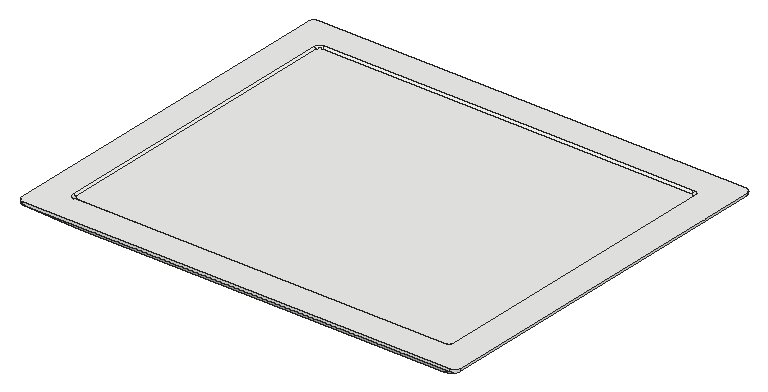
Revit family "DKTL0020_revit", category Generic Models, Revit 2017
Family settings
  Can host rebar = No
  Round Connector Dimension = Use Diameter
  Part Type = Normal
  Work Plane-Based = No
  Always vertical = Yes
  Cut with Voids When Loaded = No
  Shared = No
  Room Calculation Point = No
Parameters
  Website = "https://dolphy.in/"  # constant formula
  Material and Finish = Dolphy_WHITE
  Length = 360 mm
  Contact number = "+91 9520202035"  # constant formula
  Contact email = "info@dolphy.in"  # constant formula
  Company name = "Dolphy India"  # constant formula
Reference planes
  plane 1 "Center (Front/Back)": y = 0
  plane 2: z = 0
  plane 3 "Center (Left/Right)": x = 0
Forms (mm)
  Extrusion 1, solid, material "Dolphy_WHITE" <- "Material and Finish"
    sketch origin (3.593, 0, -3.656) x (1, 0, 0) y (0, 1, 0)
      loop
        arc (-188.593, 165.936) -> (-192.129, 164.472) -> (-193.593, 160.936) r 5
        line (-193.593, 160.936) -> (-193.593, -149.064)
        arc (-193.593, -149.064) -> (-192.129, -152.6) -> (-188.593, -154.064) r 5
        line (-188.593, -154.064) -> (181.407, -154.064)
        arc (181.407, -154.064) -> (184.942, -152.6) -> (186.407, -149.064) r 5
        line (186.407, -149.064) -> (186.407, 160.936)
        arc (186.407, 160.936) -> (184.942, 164.472) -> (181.407, 165.936) r 5
        line (181.407, 165.936) -> (-188.593, 165.936)
    from 25.656 to 27.656
  Blend 2, solid, material "Dolphy_WHITE" <- "Material and Finish"
    base sketch origin (3.593, 0, 22) x (0, 1, 0) y (-1, 0, 0)
      loop
        arc (-154.064, -181.407) -> (-152.6, -184.942) -> (-149.064, -186.407) r 5
        line (-149.064, -186.407) -> (160.936, -186.407)
        arc (160.936, -186.407) -> (164.472, -184.942) -> (165.936, -181.407) r 5
        line (165.936, -181.407) -> (165.936, 188.593)
        arc (165.936, 188.593) -> (164.472, 192.129) -> (160.936, 193.593) r 5
        line (160.936, 193.593) -> (-149.064, 193.593)
        arc (-149.064, 193.593) -> (-152.6, 192.129) -> (-154.064, 188.593) r 5
        line (-154.064, 188.593) -> (-154.064, -181.407)
    top sketch origin (3.593, 0, 22) x (0, 1, 0) y (-1, 0, 0)
      loop
        arc (-126.064, -153.407) -> (-124.6, -156.942) -> (-121.064, -158.407) r 5
        line (-121.064, -158.407) -> (132.936, -158.407)
        arc (132.936, -158.407) -> (136.472, -156.942) -> (137.936, -153.407) r 5
        line (137.936, -153.407) -> (137.936, 160.593)
        arc (137.936, 160.593) -> (136.472, 164.129) -> (132.936, 165.593) r 5
        line (132.936, 165.593) -> (-121.064, 165.593)
        arc (-121.064, 165.593) -> (-124.6, 164.129) -> (-126.064, 160.593) r 5
        line (-126.064, 160.593) -> (-126.064, -153.407)
    from 0 to -22
  Blend 3, void
    base sketch origin (3.593, 0, 24) x (0, 1, 0) y (-1, 0, 0)
      loop
        arc (140.936, 163.593) -> (139.472, 167.129) -> (135.936, 168.593) r 5
        line (135.936, 168.593) -> (-124.064, 168.593)
        arc (-124.064, 168.593) -> (-127.6, 167.129) -> (-129.064, 163.593) r 5
        line (-129.064, 163.593) -> (-129.064, -156.407)
        arc (-129.064, -156.407) -> (-127.6, -159.942) -> (-124.064, -161.407) r 5
        line (-124.064, -161.407) -> (135.936, -161.407)
        arc (135.936, -161.407) -> (139.472, -159.942) -> (140.936, -156.407) r 5
        line (140.936, -156.407) -> (140.936, 163.593)
    top sketch origin (3.593, 0, 24) x (0, 1, 0) y (-1, 0, 0)
      loop
        arc (-124.064, 166.593) -> (-126.185, 165.714) -> (-127.064, 163.593) r 3
        line (-127.064, 163.593) -> (-127.064, -156.407)
        arc (-127.064, -156.407) -> (-126.185, -158.528) -> (-124.064, -159.407) r 3
        line (-124.064, -159.407) -> (135.936, -159.407)
        arc (135.936, -159.407) -> (138.057, -158.528) -> (138.936, -156.407) r 3
        line (138.936, -156.407) -> (138.936, 163.593)
        arc (138.936, 163.593) -> (138.057, 165.714) -> (135.936, 166.593) r 3
        line (135.936, 166.593) -> (-124.064, 166.593)
    from 0 to -1
Cuts and joins
  Blend 3 cuts Extrusion 1
  Blend 3 cuts Blend 2
  joined: Extrusion 1, Blend 2
Dimensions and locks
  cut or joined group of Extrusion 1, Blend 2, Blend 3 to cut or joined group of Extrusion 1, Blend 2, Blend 3 = 380 mm
  cut or joined group of Extrusion 1, Blend 2, Blend 3 to cut or joined group of Extrusion 1, Blend 2, Blend 3 = 320 mm
  cut or joined group of Extrusion 1, Blend 2, Blend 3 to cut or joined group of Extrusion 1, Blend 2, Blend 3 = 24 mm
  aligned and locked: level to plane 2
